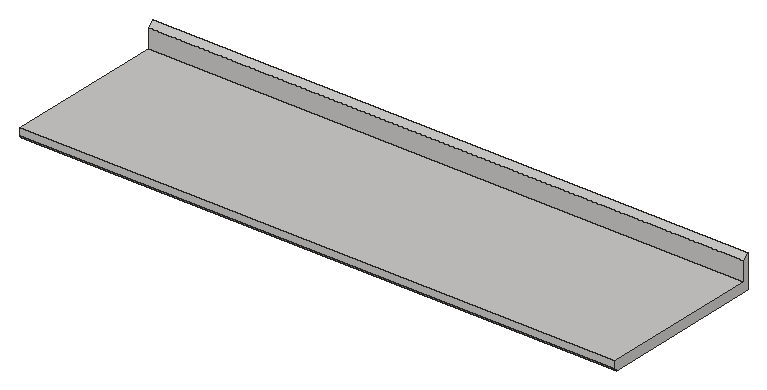
Revit family "QF_ELECTROLUXPROFESSIONAL_121163_TPLA25A", category Attrezzature speciali, Revit 2020
Family settings
  Quota connettore circolare = Usa diametro
  Tipo di parte = Normale
  Basato su piano di lavoro = No
  Sempre verticale = Sì
  Taglio con vuoti quando caricato = No
  Condiviso = No
  Punto di calcolo locali = No
Parameters (values of type "Standard")
  Weight = 80.00 kg
  Watts = 0 W
  Volts = 0 V
  URL Manufacturer = "https://www.electroluxprofessional.com/"
  URL = "https://www.electroluxprofessional.com/"
  Steam Supply Size = 0 mm
  Steam Supply Minimum Pressure = 0.0 Pa
  Steam Supply Maximum Pressure = 0.0 Pa
  Steam Consumption per Hour = 0
  Refrigeration Suction Line Size = 0.0 mm
  Refrigeration Liquid Line Size = 0.0 mm
  Refrigerant Compressor Remote = yes
  Prospetto di default = 0.0 mm
  Phase = 0
  Modello = "TPLA25A"
  Produttore = "Electrolux Professional"
  Length Actual = 2500.0 mm  # constant formula
  Item Number = "121163"
  Hot Water Size = 0 mm
  Height Actual = 140.0 mm  # constant formula
  HP = "0 HP"
  Gas Size = 0 mm
  Gas KW = 0
  Gas Input Pressure = 0 W
  Direct Waste Size = 0 mm
  Descrizione = "WORK TOP WITH UPSTAND 2500MM"
  Depth Actual = 700.0 mm  # constant formula
  Cycle = 0 Hz
  Condensate Return Size = 0 mm
  Compressed Air Volume = 0.0 L/s
  Compressed Air Size = 0 mm
  Compressed Air Pressure = 0.0 Pa
  Cold Water Size = 0 mm
  Accessory = yes
Reference planes
  plane 1 "Center (Front/Back)": y = 0
  plane 2: z = 0
  plane 3 "Center (Left/Right)": x = -750
  plane 4 "LEFT": x = -2000
  plane 5 "RIGHT": x = 500
  plane 6 "BACK": y = 350
  plane 7 "FRONT": y = -350
  plane 8 "TOP": z = 1000
  plane 9: z = 900
  plane 10: z = 860
Forms (mm)
  Extrusion 1, solid, material "QF_Finishes_Stainless Steel"
    sketch origin (-750, 0, 0) x (0, 1, 0) y (0, 0, 1)
      loop
        line (350, 1000) -> (330, 980) -> (330, 900) -> (-350, 900) -> (-350, 870) -> (-340, 860) -> (350, 860) -> (350, 1000)
    from 1250 to -1250
Lines and regions (mm)
  symbolic lines
    curve 1: line (500, 350, 1000) -> (-2000, 350, 1000)
    curve 2: line (-2000, 350, 1000) -> (-2000, -350, 1000)
    curve 3: line (-2000, -350, 1000) -> (500, -350, 1000)
    curve 4: line (500, -350, 1000) -> (500, 350, 1000)
    curve 5: line (-2000, 330, 1000) -> (500, 330, 1000)
Dimensions and locks
  plane 4 "LEFT" to plane 5 "RIGHT" = 2500.0 mm
  equal spacing: plane 4 "LEFT", plane 3 "Center (Left/Right)", plane 5 "RIGHT"
  plane 6 "BACK" to plane 7 "FRONT" = 700.0 mm
  equal spacing: plane 6 "BACK", plane 1 "Center (Front/Back)", plane 7 "FRONT"
  locked: plane 8 "TOP" to plane 9 at 100
  locked: plane 6 "BACK" to Extrusion 1 sketch curve at 20
  plane 10 to level = 860.0 mm
  plane 8 "TOP" to plane 10 = 140.0 mm
  aligned and locked: level to plane 2
  aligned and locked: Extrusion 1 to plane 4 "LEFT"
  aligned and locked: plane 5 "RIGHT" to Extrusion 1
  aligned and locked: curve 2 to plane 4 "LEFT"
  aligned and locked: Extrusion 1 sketch curve to plane 9
  aligned and locked: Extrusion 1 sketch curve to plane 6 "BACK"
  aligned and locked: plane 7 "FRONT" to Extrusion 1 sketch curve
  aligned and locked: plane 10 to Extrusion 1 sketch curve
Automatic sketch dimensions
  curve 3 to plane 7 "FRONT" = 0.0 mm
  curve 4 to plane 5 "RIGHT" = 0.0 mm
  curve 4 to plane 6 "BACK" = 0.0 mm
  curve 5 to plane 6 "BACK" = 20.0 mm
  Extrusion 1 sketch curve to plane 8 "TOP" = 0.0 mm
  Extrusion 1 sketch curve to plane 8 "TOP" = 20.0 mm
  plane 7 "FRONT" to Extrusion 1 sketch curve = 10.0 mm
  level to Extrusion 1 sketch curve = 870.0 mm
